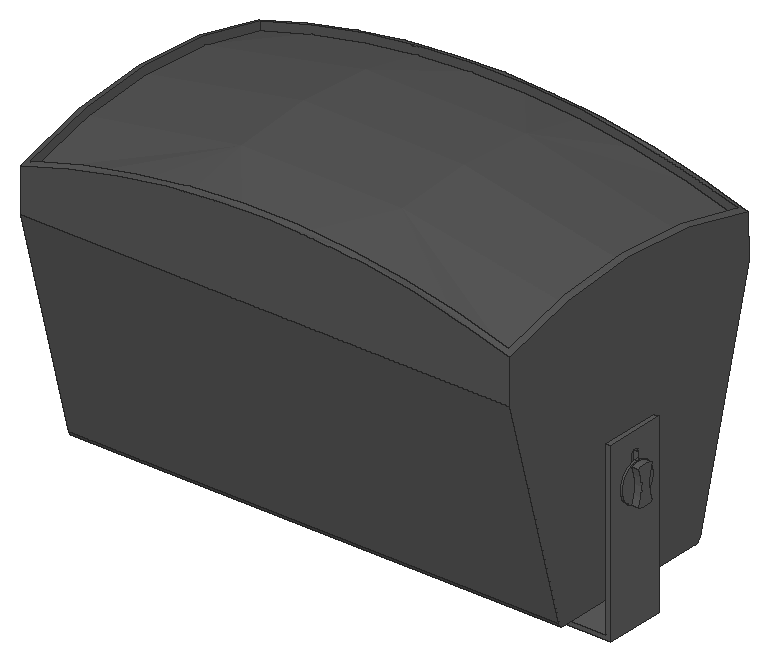
Revit family "Electronics_Desono_Biamp_Two-Way-Surface-Mount-Loudspeaker_MASK8F", category Communication Devices, host Face, Revit 2020
Family settings
  Host = Face
  Maintain Annotation Orientation = No
  Round Connector Dimension = Use Diameter
  Part Type = Normal
  OmniClass Number = 23.85.10.11.14.14.14
  OmniClass Title = Loudspeakers
  Cut with Voids When Loaded = No
  Shared = No
  Room Calculation Point = No
Parameters (values of type "MASK8F B")
  Width = 0' - 9.84252"  # constant formula
  Weight = 19.80 lbf  # constant formula
  URL = "https://www.biamp.com/"
  Transducers = "LF 1 x 8 (203 mm) coated paper cone HF 1 x 1 (25 mm) soft dome"  # constant formula
  Shipping Weight = 24.70 lbf  # constant formula
  Rotate angle [instance] = 0.00°
  Recommended Amplifers = "200W - 400W @ 8Ω (40V - 57V)"  # constant formula
  Protection = "2-step self-resetting protection"  # constant formula
  Product data url = "https://www.bimobject.com/biamp/product/mask8f_desono-surface-mount"
  Product Page URL = "https://www.biamp.com/products/product-families/desono/surface-mount-loudspeakers#mask8f"
  Product Documentation Link = "https://downloads.biamp.com/assets/docs/default-source/data-sheets/biamp_data_sheet_desono_mask8f_mar23.pdf"
  Position Note [instance] = "Please use 1 or 2"  # constant formula
  Position [instance] = 1
  Operating Range (-10dB) = "53 Hz to 22 kHz"  # constant formula
  Operating Mode = "Passive"  # constant formula
  Operating Environment = "Indoor"  # constant formula
  Offset [instance] = if(Nom Position = 1, 0' 4.33071", 0' 5.11811")  # 0' - 4.33071"
  Nominal Sensitivity @ 1m = "1W - 87dB; 2.83V - 87dB"  # constant formula
  Nominal Maximum SPL @ 1m = "Peak - 116dB; Continuous - 110dB"  # constant formula
  Nominal Beamwidth  (H x V) = "100° x 100°"  # constant formula
  Nom Rotate angle [instance] = if(and(Position = 1, or(Rotate angle < -80.00°, Rotate angle = -80.00°)), -80.00°, if(and(Position = 1, and(Rotate angle > -80.00°, Rotate angle < 80.00°)), Rotate angle, if(and(Position = 1, or(Rotate angle > 80.00°, Rotate angle = 80.00°)), 80.00°, if(and(Position = 2, or(Rotate angle < -90.00°, Rotate angle = -90.00°)), -90.00°, if(and(Position = 2, and(Rotate angle > -90.00°, Rotate angle < 90.00°)), Rotate angle, if(and(Position = 2, or(Rotate angle > 90.00°, Rotate angle = 90.00°)), 90.00°, 0.00°))))))  # 0.00°
  Nom Position [instance] = if(Position = 1, 1, 2)  # 1
  Mounting Provisions = "U-bracket; pole-mount adapter"  # constant formula
  Model = "MASK8F B"
  Manufacturer = "Biamp"  # constant formula
  Input Connection = "(2x) Speakon™ connectors; (2x) 5-way binding posts"  # constant formula
  Housing Material = Biamp - Plastic - Black
  Height = 1' - 4.1811"  # constant formula
  Grill Material = Biamp - Plastic - Black(Grid)
  Description = "Desono™ MASK8F Two-Way 8-Inch Surface Mount Loudspeaker"  # constant formula
  Depth = 0' - 9.84252"  # constant formula
  Default Elevation = 4' - 0"
  Continuous Power Handling Nominal Impedance = "40V; 200W @ 8Ω (800W peak)"  # constant formula
  Connector Description = "Speakon™ connector; 40V 200 W 8Ω (800W peak)"  # constant formula
  Bracket Material = Biamp - Metal - Black
Types (2): name | Model | Housing Material | Grill Material | Bracket Material
  MASK8F W | "MASK8F W" | Biamp - Plastic - White | Biamp - Plastic - White(Grid) | Biamp - Metal - White
  MASK8F B | "MASK8F B" | Biamp - Plastic - Black | Biamp - Plastic - Black(Grid) | Biamp - Metal - Black
Reference planes (in)
  plane 1 "Center (Front/Back)": y = 0
  plane 2: z = 0
  plane 3 "Center (Left/Right)": x = 0
  plane 4: z = 4.33071
  plane 5: x = -8.4252
Forms (in)
  Sweep 1, solid, material "Biamp - Metal - Black" <- "Bracket Material"
    path origin (0, 0, 0) x (1, 0, 0) y (0, 1, 0)
      loop
        line (0, -0.98425) -> (0, 0.98425)
    profile origin (0, 0, 0) x (-1, 0, 0) y (0, 0, 1)
      loop
        line (8.12008, 0.15748) -> (-8.12008, 0.15748) -> (-8.12008, 5.80709) -> (-8.27756, 5.80709) -> (-8.27756, 0) -> (8.27756, 0) -> (8.27756, 5.80709) -> (8.12008, 5.80709) -> (8.12008, 0.15748)
  Sweep 2, void
    path origin (0, 0, 0) x (1, 0, 0) y (0, 1, 0)
      loop
        line (-8.4252, 0) -> (8.4252, 0)
    profile origin (0, 0, 0) x (0, 1, 0) y (0, 0, 1)
      loop
        line (0.15748, 4.33563) -> (0.15748, 5.12303)
        arc (0.15748, 5.12303) -> (0, 5.28051) -> (-0.15748, 5.12303) r 0.15748
        line (-0.15748, 5.12303) -> (-0.15748, 4.33563)
        arc (-0.15748, 4.33563) -> (0, 4.17815) -> (0.15748, 4.33563) r 0.15748
  Revolve 3, solid, material "Biamp - Metal - Black" <- "Bracket Material"
    sketch origin (0, 0, 0) x (1, 0, 0) y (0, 0, 1)
      loop
        line (-8.05245, 4.33071) -> (-8.05245, 4.47521) -> (-8.27756, 4.47521) -> (-8.27756, 4.95803) -> (-8.3743, 4.95803) -> (-8.3743, 4.33071) -> (-8.05245, 4.33071)
      loop
        line (8.05245, 4.33071) -> (8.3743, 4.33071) -> (8.3743, 4.95803) -> (8.27756, 4.95803) -> (8.27756, 4.47521) -> (8.05245, 4.47521) -> (8.05245, 4.33071)
      axis (-8.3743, 4.33071) -> (8.3743, 4.33071)
    angle from 0 to 360
  Extrusion 4, solid, material "Biamp - Metal - Black" <- "Bracket Material", detail levels medium+fine
    sketch origin (0, 0, 0) x (0, 1, 0) y (0, 0, 1)
      loop
        arc (0.27031, 3.76462) -> (0.15748, 4.33071) -> (0.27031, 4.8968) r 1.47648
        arc (0.27031, 4.8968) -> (0, 4.95803) -> (-0.27031, 4.8968) r 0.62732
        arc (-0.27031, 4.8968) -> (-0.15748, 4.33071) -> (-0.27031, 3.76462) r 1.47648
        arc (-0.27031, 3.76462) -> (0, 3.70339) -> (0.27031, 3.76462) r 0.62732
    from 8.3743 to 8.62628
  Extrusion 5, solid, material "Biamp - Metal - Black" <- "Bracket Material", detail levels medium+fine
    sketch origin (0, 0, 0) x (0, 1, 0) y (0, 0, -1)
      loop
        arc (0.27031, -3.76462) -> (0, -3.70339) -> (-0.27031, -3.76462) r 0.62732
        arc (-0.27031, -3.76462) -> (-0.15748, -4.33071) -> (-0.27031, -4.8968) r 1.47648
        arc (-0.27031, -4.8968) -> (0, -4.95803) -> (0.27031, -4.8968) r 0.62732
        arc (0.27031, -4.8968) -> (0.15748, -4.33071) -> (0.27031, -3.76462) r 1.47648
    from 8.3743 to 8.62628
Cuts and joins
  Sweep 2 cuts Sweep 1
Lines and regions (in)
  Masking region 1
    outline origin (0, 0, 0) x (1, 0, 0) y (0, 1, 0)
      loop
        line (-8.27756, 0.98425) -> (-8.27756, -0.98425) -> (8.27756, -0.98425) -> (8.27756, 0.98425) -> (-8.27756, 0.98425)
  Masking region 2
    outline origin (0, 0, 0) x (0, 1, 0) y (0, 0, 1)
      loop
        line (0.98425, 5.80709) -> (-0.98425, 5.80709) -> (-0.98425, 0) -> (0.98425, 0) -> (0.98425, 5.80709)
  Masking region 3
    outline origin (0, 0, 0) x (1, 0, 0) y (0, 0, 1)
      loop
        line (-8.27756, 5.80709) -> (-8.27756, 0) -> (8.27756, 0) -> (8.27756, 5.80709) -> (8.12008, 5.80709) -> (8.12008, 0.15748) -> (-8.12008, 0.15748) -> (-8.12008, 5.80709) -> (-8.27756, 5.80709)
  reference lines
    curve 1: line (-8.4252, 0, 4.33071) -> (6.33858, 0, 4.33071)
    curve 2: line (6.33858, 0, 4.45734) -> (6.33858, 0, 9.57545)
    curve 3: line (6.33858, 0, 4.45734) -> (6.33858, 2.4186, 4.45734)
    curve 4: line (6.33858, 0, 4.45734) -> (6.33858, 0, 10.75655)
Dimensions and locks (in)
  "Offset": plane 4 to plane 2
  angle curve 1 to plane 4 = 0.00°
  "Nom Rotate angle": angle curve 4 to curve 2
  aligned and locked: plane 2 to host face
  aligned and locked: level to host face
  aligned and locked: plane 4 to curve 1
  aligned and locked: plane 5 to curve 1
Automatic sketch dimensions
  host sketch curve to host sketch curve = 8' - 0"  (x2)
  Sweep 1 sketch curve to plane 3 "Center (Left/Right)" = 0' - 0"
  plane 1 "Center (Front/Back)" to Sweep 1 sketch curve = 0' - 0.98425"
  Sweep 1 sketch curve to plane 1 "Center (Front/Back)" = 0' - 0.98425"
  Sweep 1 sketch curve to level = 0' - 0"
  profile plane to Sweep 1 sketch curve = 0' - 8.27756"
  Sweep 1 sketch curve to Sweep 1 sketch curve = 0' - 0.15748"  (x2)
  level to Sweep 1 sketch curve = 0' - 0.15748"
  Sweep 1 sketch curve to profile plane = 0' - 8.12008"
  Sweep 1 sketch curve to Sweep 1 sketch curve = 0' - 5.64961"  (x2)
  plane 1 "Center (Front/Back)" to Sweep 2 sketch curve = 0' - 0"
  Sweep 2 sketch curve to plane 5 = 0' - 0"
  plane 3 "Center (Left/Right)" to Sweep 2 sketch curve = 0' - 8.4252"
  Revolve 3 sketch curve to plane 4 = 0' - 0"  (x3)
  plane 5 to Revolve 3 sketch curve = 0' - 0"
  Revolve 3 sketch curve to plane 5 = 0' - 0.0509"
  Revolve 3 sketch curve to plane 5 = 0' - 0.14764"
  Revolve 3 sketch curve to Revolve 3 sketch curve = 0' - 0.22511"  (x2)
  plane 4 to Revolve 3 sketch curve = 0' - 0.1445"
  plane 3 "Center (Left/Right)" to Revolve 3 sketch curve = 0' - 8.05245"
  Revolve 3 sketch curve to Revolve 3 sketch curve = 0' - 0.09674"
  Revolve 3 sketch curve to Revolve 3 sketch curve = 0' - 0.1445"
  Revolve 3 sketch curve to Revolve 3 sketch curve = 0' - 0.48282"  (x2)
  Revolve 3 sketch curve to Revolve 3 sketch curve = 0' - 0"
  Extrusion 4 sketch curve to Extrusion 4 sketch curve = 0' - 0"  (x2)
  Extrusion 4 sketch curve to plane 4 = 0' - 0"  (x3)
  Extrusion 4 sketch curve to plane 1 "Center (Front/Back)" = 0' - 0"
  plane 1 "Center (Front/Back)" to Extrusion 4 sketch curve = 0' - 1.63396"
  Extrusion 4 sketch curve to Extrusion 4 sketch curve = 0' - 1.63396"
  plane 1 "Center (Front/Back)" to Extrusion 4 sketch curve = 0' - 0.27031"  (x2)
  Extrusion 4 sketch curve to plane 1 "Center (Front/Back)" = 0' - 0.27031"
  Extrusion 4 sketch curve to plane 4 = 0' - 0.56609"
  Extrusion 5 sketch curve to Extrusion 5 sketch curve = 0' - 0"  (x2)
  Extrusion 5 sketch curve to plane 4 = 0' - 0"  (x3)
  Extrusion 5 sketch curve to plane 1 "Center (Front/Back)" = 0' - 0"
  plane 1 "Center (Front/Back)" to Extrusion 5 sketch curve = 0' - 1.63396"
  Extrusion 5 sketch curve to Extrusion 5 sketch curve = 0' - 1.63396"
  plane 1 "Center (Front/Back)" to Extrusion 5 sketch curve = 0' - 0.27031"  (x2)
  Extrusion 5 sketch curve to plane 1 "Center (Front/Back)" = 0' - 0.27031"
  plane 4 to Extrusion 5 sketch curve = 0' - 0.56609"
  Masking region 1 sketch curve to plane 5 = 0' - 0.14764"
  plane 1 "Center (Front/Back)" to Masking region 1 sketch curve = 0' - 0.98425"
  plane 3 "Center (Left/Right)" to Masking region 1 sketch curve = 0' - 8.27756"
  Masking region 1 sketch curve to plane 1 "Center (Front/Back)" = 0' - 0.98425"
  Sweep 2 sketch curve to profile plane = 0' - 0"
  profile plane to Sweep 2 sketch curve = 0' - 0.15748"
  level to Sweep 2 sketch curve = 0' - 4.33563"
  Sweep 2 sketch curve to Sweep 2 sketch curve = 0' - 0.7874"
  Masking region 2 sketch curve to level = 0' - 0"
  plane 1 "Center (Front/Back)" to Masking region 2 sketch curve = 0' - 0.98425"
  Masking region 2 sketch curve to plane 1 "Center (Front/Back)" = 0' - 0.98425"
  plane 4 to Masking region 2 sketch curve = 0' - 1.47638"
  Masking region 3 sketch curve to level = 0' - 0"
  Masking region 3 sketch curve to plane 5 = 0' - 0.30512"
  plane 4 to Masking region 3 sketch curve = 0' - 1.47638"  (x2)
  plane 3 "Center (Left/Right)" to Masking region 3 sketch curve = 0' - 8.12008"
  Masking region 3 sketch curve to Masking region 3 sketch curve = 0' - 0.15748"
  level to Masking region 3 sketch curve = 0' - 0.15748"
  Masking region 3 sketch curve to plane 5 = 0' - 0.14764"
  curve 3 to plane 1 "Center (Front/Back)" = 0' - 0"
  plane 4 to curve 4 = 0' - 0.12663"
  curve 3 to curve 2 = 0' - 2.4186"
Nested families (in)
  nested 1: "MASK8F" at (0, 0, 1.16142), Housing Material <- "Housing Material", Grill <- "Grill Material", type "MASK8F"
    with Housing Material Biamp - Plastic - Black, Grill Biamp - Plastic - Black(Grid)
Connectors (in)
  electrical at (4.22582, 0, 1.21144), driven by "Connector Description"
    settings: on nested 1, index 1, voltage 0 V, apparent load 0 VA, apparent load phase1 0 VA, apparent load phase2 0 VA, apparent load phase3 0 VA, power factor 1, load classification "Other", number of poles 1, system type 5, power factor state 1, is connector primary yes, connector utility no, sub classification motor no, connector description "Speakon™ connector; 40V 200 W 8Ω (800W peak)"
  electrical at (2.12413, 0, 1.21144), driven by "Connector Description"
    settings: on nested 1, index 2, voltage 0 V, apparent load 0 VA, apparent load phase1 0 VA, apparent load phase2 0 VA, apparent load phase3 0 VA, power factor 1, load classification "Other", number of poles 1, system type 5, power factor state 1, is connector primary no, connector utility no, sub classification motor no, connector description "Speakon™ connector; 40V 200 W 8Ω (800W peak)"
  electrical at (-2.62522, 0.28324, 1.42163)
    settings: on nested 1, index 3, voltage 0 V, apparent load 0 VA, apparent load phase1 0 VA, apparent load phase2 0 VA, apparent load phase3 0 VA, power factor 1, load classification "Other", number of poles 1, system type 5, power factor state 1, is connector primary no, connector utility no, sub classification motor no, connector description "5-way blinding posts; 40V 200 W 8Ω (800W peak)"
  electrical at (-2.62522, -0.28324, 1.42163)
    settings: on nested 1, index 4, voltage 0 V, apparent load 0 VA, apparent load phase1 0 VA, apparent load phase2 0 VA, apparent load phase3 0 VA, power factor 1, load classification "Other", number of poles 1, system type 5, power factor state 1, is connector primary no, connector utility no, sub classification motor no, connector description "5-way blinding posts; 40V 200 W 8Ω (800W peak)"
Definition of nested family "MASK8F"
  Parameters (values of type "MASK8F")
    Housing Material [instance] = none
    Grill [instance] = none
    Default Elevation = 4' - 0"
  Reference planes (in)
    plane 1 "Center (Front/Back)": y = 0
    plane 2: z = 0
    plane 3 "Center (Left/Right)": x = 0
  Forms (in)
    Extrusion 1, solid, material <- "Housing Material", detail levels coarse
      sketch origin (0, 0, 0) x (0, 1, 0) y (0, 0, 1)
        loop
          arc (2.71601, 0) -> (2.83526, 0.04024) -> (2.90577, 0.1445) r 0.19685
          line (2.90577, 0.1445) -> (4.92486, 7.46266) -> (4.92486, 10.67921)
          arc (4.92486, 10.67921) -> (4.89838, 10.79823) -> (4.82393, 10.8948) r 0.28072
          arc (4.82393, 10.8948) -> (0, 12.64236) -> (-4.82393, 10.8948) r 7.53173
          arc (-4.82393, 10.8948) -> (-4.89838, 10.79823) -> (-4.92486, 10.67921) r 0.28072
          line (-4.92486, 10.67921) -> (-4.92486, 7.46266) -> (-2.90577, 0.1445)
          arc (-2.90577, 0.1445) -> (-2.83526, 0.04024) -> (-2.71601, 0) r 0.19685
          line (-2.71601, 0) -> (2.71601, 0)
      from -8.09055 to 8.09055
    Sweep 2, void
      path origin (0, 0, -0.3937) x (0, 1, 0) y (0, 0, 1)
        loop
          arc (6.10236, 8.58315) -> (0, 9.9068) -> (-6.10236, 8.58315) r 14.72853
      profile origin (0, 0, 9.5131) x (0, 0, -1) y (1, 0, 0)
        loop
          arc (-0.21932, -8.09055) -> (-1.45253, 0) -> (-0.21932, 8.09055) r 27.15591
          line (-0.21932, 8.09055) -> (-3.53676, 8.78237) -> (-3.53676, -8.78237) -> (-0.21932, -8.09055)
    Extrusion 3, solid, material <- "Housing Material", detail levels medium+fine
      sketch origin (0, 0, 0) x (0, 1, 0) y (0, 0, 1)
        loop
          arc (2.71601, 0) -> (2.83526, 0.04024) -> (2.90577, 0.1445) r 0.19685
          line (2.90577, 0.1445) -> (4.92486, 7.46266) -> (4.92486, 10.67921)
          arc (4.92486, 10.67921) -> (4.89838, 10.79823) -> (4.82393, 10.8948) r 0.28072
          arc (4.82393, 10.8948) -> (0, 12.64236) -> (-4.82393, 10.8948) r 7.53173
          arc (-4.82393, 10.8948) -> (-4.89838, 10.79823) -> (-4.92486, 10.67921) r 0.28072
          line (-4.92486, 10.67921) -> (-4.92486, 7.46266) -> (-2.90577, 0.1445)
          arc (-2.90577, 0.1445) -> (-2.83526, 0.04024) -> (-2.71601, 0) r 0.19685
          line (-2.71601, 0) -> (2.71601, 0)
      from -8.09055 to 8.09055
    Extrusion 4, void, detail levels medium+fine
      sketch origin (0, 0, 0) x (1, 0, 0) y (0, 1, 0)
        loop
          line (-7.89378, 4.72801) -> (-7.89378, -4.72801) -> (7.8937, -4.72801) -> (7.8937, 4.72801) -> (-7.89378, 4.72801)
      from 8.69237 to 11.50331
    Extrusion 5, solid, material <- "Grill", detail levels medium+fine
      sketch origin (0, 0, 0) x (0, 1, 0) y (0, 0, 1)
        loop
          line (4.72801, 8.69237) -> (4.72801, 10.08599)
          arc (4.72801, 10.08599) -> (0, 10.79959) -> (-4.72801, 10.08599) r 16.01963
          line (-4.72801, 10.08599) -> (-4.72801, 8.69237) -> (4.72801, 8.69237)
      from -7.89378 to 7.8937
    Sweep 6, void
      path origin (0, 0, -0.66437) x (0, 1, 0) y (0, 0, 1)
        loop
          arc (6.10236, 8.58315) -> (0, 9.9068) -> (-6.10236, 8.58315) r 14.72853
      profile origin (0, 0, 9.24243) x (0, 0, -1) y (1, 0, 0)
        loop
          arc (-0.21932, -8.09055) -> (-1.45253, 0) -> (-0.21932, 8.09055) r 27.15591
          line (-0.21932, 8.09055) -> (-3.53676, 8.78237) -> (-3.53676, -8.78237) -> (-0.21932, -8.09055)
    Extrusion 7, void
      sketch origin (0.19685, 2.66662, 0) x (-1, 0, 0) y (0, 1, 0)
        loop
          line (-1.88976, -1.38709) -> (-4.00591, -1.38709)
          arc (-4.00591, -1.38709) -> (-5.28543, -2.66662) -> (-4.00591, -3.94615) r 1.27953
          line (-4.00591, -3.94615) -> (-1.88976, -3.94615)
          arc (-1.88976, -3.94615) -> (-0.61024, -2.66662) -> (-1.88976, -1.38709) r 1.27953
        loop
          circle (-4.02897, -2.66662) r 0.98425
        loop
          circle (-1.92728, -2.66662) r 0.98425
      from -0.24247 to 0
    Extrusion 8, void
      sketch origin (0, 2.66662, 0) x (0, 1, 0) y (-1, 0, 0)
        loop
          circle (-2.66662, -2.12413) r 0.29528
        loop
          circle (-2.66662, -4.22582) r 0.29528
      from 0 to 0.05002
    Extrusion 9, void
      sketch origin (0, 2.66662, 0) x (0, 1, 0) y (-1, 0, 0)
        loop
          line (-4.04457, 3.66142) -> (-4.04457, 1.69291) -> (-1.28867, 1.69291) -> (-1.28867, 3.66142) -> (-4.04457, 3.66142)
      from 0 to 0.77096
    Extrusion 10, solid, material <- "Housing Material"
      sketch origin (0, 0, 0) x (1, 0, 0) y (0, 0, 1)
        loop
          line (-2.08661, 0) -> (-2.08661, 0.77096) -> (-2.85758, 0.77096) -> (-2.08661, 0)
      from -1.37795 to 1.37795
    Extrusion 11, solid
      sketch origin (-2.08661, 0, 0) x (-0.707107, 0, 0.707107) y (0, 1, 0)
        loop
          circle (0.56485, 0.28324) r 0.19685
        loop
          circle (0.56485, -0.28324) r 0.19685
      from 0 to 0.19685
    Extrusion 12, void
      sketch origin (8.09055, 0, -2.26378) x (0, -1, 0) y (0, 0, 1)
        loop
          circle (0, 5.43307) r 0.15748
      from -0.27136 to 0.0381
    Extrusion 13, void
      sketch origin (-8.09055, 0, -2.26378) x (0, -1, 0) y (0, 0, -1)
        loop
          circle (0, -5.43307) r 0.15748
      from -0.27136 to 0.0381
  Cuts and joins
    Sweep 2, Extrusion 7, Extrusion 8, Extrusion 9, Extrusion 12, Extrusion 13 cuts Extrusion 1
    Sweep 2, Extrusion 4, Extrusion 7, Extrusion 8, Extrusion 9, Extrusion 12, Extrusion 13 cuts Extrusion 3
    Sweep 6, Extrusion 8, Extrusion 9 cuts Extrusion 5
  Lines and regions (in)
    Masking region 1
      outline origin (0, 0, 0) x (1, 0, 0) y (0, 1, 0)
        loop
          line (-8.09064, 4.92486) -> (-8.09064, -4.92486) -> (8.09064, -4.92486) -> (8.09064, 4.92486) -> (-8.09064, 4.92486)
    Masking region 2
      outline origin (0, 0, 0) x (1, 0, 0) y (0, 1, 0)
        loop
          line (-7.89378, 4.72801) -> (-7.89378, -4.72801) -> (7.8937, -4.72801) -> (7.8937, 4.72801) -> (-7.89378, 4.72801)
    Masking region 3
      outline origin (0, 0, 0) x (1, 0, 0) y (0, 0, 1)
        loop
          line (-8.09055, 9.68551) -> (-8.09055, 0) -> (8.09055, 0) -> (8.09055, 9.68551)
          arc (8.09055, 9.68551) -> (0, 10.98562) -> (-8.09055, 9.68551) r 25.82373
    Masking region 4
      outline origin (0, 0, 0) x (0, 1, 0) y (0, 0, 1)
        loop
          line (2.90577, 0.1445) -> (4.92486, 7.46266) -> (4.92486, 10.17736)
          arc (4.92486, 10.17736) -> (0, 11.01195) -> (-4.92486, 10.17736) r 14.94785
          line (-4.92486, 10.17736) -> (-4.92486, 7.46266) -> (-2.90577, 0.1445)
          arc (-2.90577, 0.1445) -> (-2.83526, 0.04024) -> (-2.71601, 0) r 0.19685
          line (-2.71601, 0) -> (2.71601, 0)
          arc (2.71601, 0) -> (2.83526, 0.04024) -> (2.90577, 0.1445) r 0.19685
  Dimensions and locks (in)
    aligned and locked: level to plane 2
